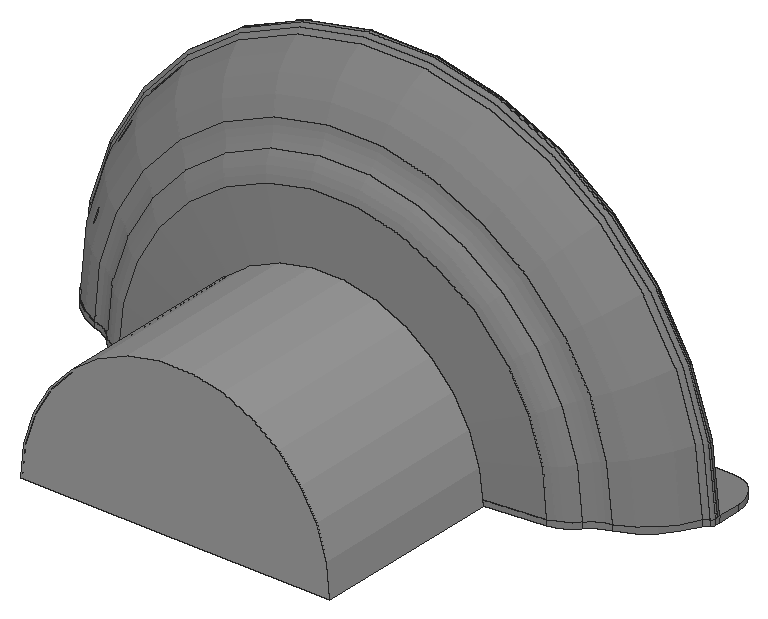
Revit family "Washfountain_4_Staion-Willoughby-WAF-5404-WALL", category Plumbing Fixtures, Revit 2015
Parameters (values of type "Standard")
  water line = Copper
  Waste Connection = no
  Vent Connection = no
  URL = "https://www.willoughby-ind.com/wp-content/uploads/2018/01/WAF-5404.pdf"
  Type Comments = ""
  Solid Surface Sink = Solid Surface Acrylic Resin-Willoughby
  Revision = "A"
  Model = "WAF-5404-WALL"
  Manufacturer = "Willoughby Industries"
  Lav Waste DIA = 1 1/2"
  Lav Waste Connection = yes
  LAV HW DIA = 1/2"
  LAV CW DIA = 1/2"
  HW Connection = yes
  Fixture Body = Stainless Steel AISI 304-Willoughby
  Description = "Wall Mounted 4 Station Washfountain"
  Default Elevation = 0' - 0"
  Contact = "(800) 428-4065"
  CW Connection = yes
Reference planes (in)
  plane 1 "Center (Front/Back)Floor HGT": y = 0
  plane 2: z = 0
  plane 3 "Center (Left/Right)": x = 0
  plane 4 "unit body HGT": y = 39
  plane 5: y = 39.5
  plane 6 "Sink HGT": y = 34
  plane 7 "Base HGT": y = 9.5
  plane 8 "Sink Drain": y = 19.5
  plane 9 "Bottom Of Bowl": y = 25.5
  plane 10: x = -6.845
  plane 11: x = 6.845
  plane 12: x = -27
  plane 13: z = 27
  plane 14 "Splash Face": z = 0.5
  plane 15: z = 13.25
  plane 16: x = -13.25
  plane 17: x = 13.25
  plane 18 "Water Supply": y = 18.5
  plane 19 "Hot Supply": x = 4
  plane 20 "Cold Supply": x = 8
  plane 21 "bubbler HGT": y = 35.66
  plane 22: x = 9.5
  plane 23: x = -9.5
Forms (in)
  Extrusion 1, solid, material "Solid Surface Acrylic Resin-Willoughby" <- "Solid Surface Sink"
    sketch origin (0, 0, 0) x (1, 0, 0) y (0, 1, 0)
      loop
        line (-6.845, 25.5) -> (6.845, 25.5) -> (11.52413, 25.68856)
        arc (11.52413, 25.68856) -> (14.92598, 25.93546) -> (18.30491, 26.40063) r 53.01
        arc (18.30491, 26.40063) -> (19.41375, 26.83168) -> (20.31491, 27.60836) r 3.51
        arc (20.31491, 27.60836) -> (21.16213, 28.2452) -> (22.16491, 28.58836) r 3.38
        arc (22.16491, 28.58836) -> (24.73032, 30.26295) -> (26.40491, 32.82836) r 7.45
        arc (26.40491, 32.82836) -> (26.54572, 33.0411) -> (26.75847, 33.18191) r 0.63983
        arc (26.75847, 33.18191) -> (26.93397, 33.32403) -> (27, 33.54) r 0.38621
        line (27, 33.54) -> (27, 34) -> (27, 36)
        arc (27, 36) -> (26.12132, 38.12132) -> (24, 39) r 3
        line (24, 39) -> (0, 39) -> (-24, 39)
        arc (-24, 39) -> (-26.12132, 38.12132) -> (-27, 36) r 3
        line (-27, 36) -> (-27, 34) -> (-27, 33.54)
        arc (-27, 33.54) -> (-26.93397, 33.32403) -> (-26.75847, 33.18191) r 0.38621
        arc (-26.75847, 33.18191) -> (-26.54572, 33.0411) -> (-26.40491, 32.82836) r 0.63983
        arc (-26.40491, 32.82836) -> (-24.73032, 30.26295) -> (-22.16491, 28.58836) r 7.45
        arc (-22.16491, 28.58836) -> (-21.16213, 28.2452) -> (-20.31491, 27.60836) r 3.38
        arc (-20.31491, 27.60836) -> (-19.41375, 26.83168) -> (-18.30491, 26.40063) r 3.51
        arc (-18.30491, 26.40063) -> (-14.92598, 25.93546) -> (-11.52413, 25.68856) r 53.01
        line (-11.52413, 25.68856) -> (-6.845, 25.5)
    from 0 to 0.5
  Revolve 2, solid, material "Solid Surface Acrylic Resin-Willoughby" <- "Solid Surface Sink"
    sketch origin (0, 0, 0.5) x (1, 0, 0) y (0, 1, 0)
      loop
        line (27, 33.54) -> (27, 33.75)
        arc (27, 33.75) -> (26.92678, 33.92678) -> (26.75, 34) r 0.25
        arc (26.75, 34) -> (26.59277, 33.93487) -> (26.52764, 33.77764) r 0.22236
        arc (26.52764, 33.77764) -> (26.51299, 33.66399) -> (26.43525, 33.57981) r 0.1886
        arc (26.43525, 33.57981) -> (26.14057, 33.33951) -> (25.94132, 33.01566) r 1.13983
        arc (25.94132, 33.01566) -> (24.38046, 30.64844) -> (22.02426, 29.07099) r 7.17314
        arc (22.02426, 29.07099) -> (20.89405, 28.6688) -> (19.94072, 27.94059) r 3.88
        arc (19.94072, 27.94059) -> (19.16738, 27.26699) -> (18.21278, 26.89214) r 3.01
        arc (18.21278, 26.89214) -> (14.86971, 26.4323) -> (11.504, 26.18815) r 52.51
        line (11.504, 26.18815) -> (6.83493, 26) -> (0, 26) -> (0, 25.5) -> (6.845, 25.5) -> (11.52413, 25.68856)
        arc (11.52413, 25.68856) -> (14.92598, 25.93546) -> (18.30491, 26.40063) r 53.01
        arc (18.30491, 26.40063) -> (19.41375, 26.83168) -> (20.31491, 27.60836) r 3.51
        arc (20.31491, 27.60836) -> (21.16213, 28.2452) -> (22.16491, 28.58836) r 3.38
        arc (22.16491, 28.58836) -> (24.71623, 30.27704) -> (26.40491, 32.82836) r 7.67314
        arc (26.40491, 32.82836) -> (26.54572, 33.0411) -> (26.75847, 33.18191) r 0.63983
        arc (26.75847, 33.18191) -> (26.93397, 33.32403) -> (27, 33.54) r 0.38621
      axis (0, 34) -> (0, 25.5)
    angle from 0 to -180
  Extrusion 3, solid, material "Solid Surface Acrylic Resin-Willoughby" <- "Solid Surface Sink", detail levels medium+fine
    sketch origin (0, 39, 0) x (-1, 0, 0) y (0, 0, 1)
      loop
        line (0, 0) -> (9.5, 0) -> (9.5, 1.57) -> (7.21497, 9.53886)
        arc (7.21497, 9.53886) -> (6.6265, 10.58518) -> (5.5, 11) r 1.73701
        line (5.5, 11) -> (0, 11) -> (-5.5, 11)
        arc (-5.5, 11) -> (-6.6265, 10.58518) -> (-7.21497, 9.53886) r 1.73701
        line (-7.21497, 9.53886) -> (-9.5, 1.57) -> (-9.5, 0) -> (0, 0)
    from 0 to 0.5
  Extrusion 4, solid, material "Solid Surface Acrylic Resin-Willoughby" <- "Solid Surface Sink", detail levels medium+fine
    sketch origin (0, 39, 0) x (-1, 0, 0) y (0, 0, 1)
      loop
        line (-9, 1.43103) -> (-9, 0) -> (0, 0) -> (9, 0) -> (9, 1.43103) -> (6.68754, 9.42321)
        arc (6.68754, 9.42321) -> (6.09446, 10.20375) -> (5.16, 10.5) r 1.62189
        line (5.16, 10.5) -> (0, 10.5) -> (-5.16, 10.5)
        arc (-5.16, 10.5) -> (-6.09446, 10.20375) -> (-6.68754, 9.42321) r 1.62189
        line (-6.68754, 9.42321) -> (-9, 1.43103)
    from 0 to -5
  Revolve 5, solid, material "Stainless Steel AISI 304-Willoughby" <- "Fixture Body"
    sketch origin (0, 0, 0) x (1, 0, 0) y (0, 1, 0)
      loop
        line (-13.25, 25.79323) -> (-13.25, 9.5) -> (0, 9.5) -> (0, 9.625) -> (-13.125, 9.625) -> (-13.125, 25.79323) -> (-13.25, 25.79323)
      axis (0, 25.79323) -> (0, 9.5)
    angle from 0 to -180
  Revolve 6, solid, material "Stainless Steel AISI 304-Willoughby" <- "Fixture Body", detail levels medium+fine
    sketch origin (0, 19.5, 0) x (-1, 0, 0) y (0, 0, 1)
      loop
        line (0, 0) -> (0.75, 0) -> (0.75, 3) -> (0, 3) -> (0, 0)
      axis (0, 3) -> (0, 0)
    angle from 0 to 360
  Revolve 7, solid, material "Copper" <- "water line", detail levels medium+fine
    sketch origin (0, 18.5, 0) x (-1, 0, 0) y (0, 0, 1)
      loop
        line (-4, 0) -> (-3.75, 0) -> (-3.75, 3) -> (-4, 3) -> (-4, 0)
      axis (-4, 3) -> (-4, 0)
    angle from 0 to 360
  Revolve 8, solid, material "Copper" <- "water line", detail levels medium+fine
    sketch origin (0, 18.5, 0) x (-1, 0, 0) y (0, 0, 1)
      loop
        line (-8, 0) -> (-7.75, 0) -> (-7.75, 3) -> (-8, 3) -> (-8, 0)
      axis (-8, 3) -> (-8, 0)
    angle from 0 to 360
  Revolve 9, solid, material "Stainless Steel AISI 304-Willoughby" <- "Fixture Body", detail levels fine
    sketch origin (-0.80758, 35.66, 2.94638) x (-0.275637, 0, 0.961262) y (0.961262, 0, 0.275637)
      loop
        line (0, 9) -> (0.75, 9) -> (0.75, 9.5)
        arc (0.75, 9.5) -> (0.53033, 10.03033) -> (0, 10.25) r 0.75
        line (0, 10.25) -> (0, 9)
      axis (0, 10.25) -> (0, 9)
    angle from 0 to 360
  Revolve 10, solid, material "Stainless Steel AISI 304-Willoughby" <- "Fixture Body", detail levels fine
    sketch origin (-0.80758, 0, 2.94638) x (0, 1, 0) y (0.961262, 0, 0.275637)
      loop
        line (34.91, 9.5) -> (35.26355, 9.85355) -> (34.91, 10.20711) -> (34.55645, 9.85355) -> (34.91, 9.5)
      axis (34.91, 10.20711) -> (35.26355, 9.85355)
    angle from 0 to 360
  Revolve 11, solid, material "Stainless Steel AISI 304-Willoughby" <- "Fixture Body", detail levels fine
    sketch origin (0.80758, 35.66, 2.94638) x (0.275637, 0, 0.961262) y (-0.961262, 0, 0.275637)
      loop
        line (0, 9) -> (0.75, 9) -> (0.75, 9.5)
        arc (0.75, 9.5) -> (0.53033, 10.03033) -> (0, 10.25) r 0.75
        line (0, 10.25) -> (0, 9)
      axis (0, 10.25) -> (0, 9)
    angle from 0 to 360
  Revolve 12, solid, material "Stainless Steel AISI 304-Willoughby" <- "Fixture Body", detail levels fine
    sketch origin (0.80758, 0, 2.94638) x (0, 1, 0) y (0.961262, 0, -0.275637)
      loop
        line (34.91, -9.5) -> (34.55645, -9.85355) -> (34.91, -10.20711) -> (35.26355, -9.85355) -> (34.91, -9.5)
      axis (34.91, -10.20711) -> (35.26355, -9.85355)
    angle from 0 to 360
  Revolve 13, solid, material "Stainless Steel AISI 304-Willoughby" <- "Fixture Body", detail levels fine
    sketch origin (3.16, 35.66, 1.5) x (-1, 0, 0) y (0, 0, 1)
      loop
        line (0, 9) -> (0.75, 9) -> (0.75, 9.5)
        arc (0.75, 9.5) -> (0.53033, 10.03033) -> (0, 10.25) r 0.75
        line (0, 10.25) -> (0, 9)
      axis (0, 10.25) -> (0, 9)
    angle from 0 to 360
  Revolve 14, solid, material "Stainless Steel AISI 304-Willoughby" <- "Fixture Body", detail levels fine
    sketch origin (3.16, 0, 1.5) x (0, 1, 0) y (0, 0, 1)
      loop
        line (34.91, 9.5) -> (35.26355, 9.85355) -> (34.91, 10.20711) -> (34.55645, 9.85355) -> (34.91, 9.5)
      axis (34.91, 10.20711) -> (35.26355, 9.85355)
    angle from 0 to 360
  Revolve 15, solid, material "Stainless Steel AISI 304-Willoughby" <- "Fixture Body", detail levels fine
    sketch origin (-3.16, 35.66, 1.5) x (1, 0, 0) y (0, 0, 1)
      loop
        line (0, 9) -> (0.75, 9) -> (0.75, 9.5)
        arc (0.75, 9.5) -> (0.53033, 10.03033) -> (0, 10.25) r 0.75
        line (0, 10.25) -> (0, 9)
      axis (0, 10.25) -> (0, 9)
    angle from 0 to 360
  Revolve 16, solid, material "Stainless Steel AISI 304-Willoughby" <- "Fixture Body", detail levels fine
    sketch origin (-3.16, 0, 1.5) x (0, 1, 0) y (0, 0, -1)
      loop
        line (34.91, -9.5) -> (34.55645, -9.85355) -> (34.91, -10.20711) -> (35.26355, -9.85355) -> (34.91, -9.5)
      axis (34.91, -10.20711) -> (35.26355, -9.85355)
    angle from 0 to 360
Lines and regions (in)
  symbolic lines
    curve 1: line (-13.25, 25.79323, 0) -> (-13.25, 9.5, 0)
    curve 2: line (-13.25, 9.5, 0) -> (13.25, 9.5, 0)
    curve 3: line (13.25, 9.5, 0) -> (13.25, 25.79323, 0)
    curve 4: arc (13.25, 25.79323, 0) -> (14.81145, 25.92524, 0) -> (16.36623, 26.12076, 0) r 38.45379
    curve 5: arc (16.36623, 26.12076, 0) -> (17.32316, 26.24841, 0) -> (18.27648, 26.40063, 0) r 37.51632
    curve 6: arc (18.27648, 26.40063, 0) -> (19.40672, 26.8171, 0) -> (20.31491, 27.60836, 0) r 3.33054
    curve 7: arc (20.31491, 27.60836, 0) -> (21.16213, 28.2452, 0) -> (22.16491, 28.58836, 0) r 3.38
    curve 8: arc (22.16491, 28.58836, 0) -> (24.71623, 30.27704, 0) -> (26.40491, 32.82836, 0) r 7.67314
    curve 9: arc (26.40491, 32.82836, 0) -> (26.54572, 33.0411, 0) -> (26.75847, 33.18191, 0) r 0.63983
    curve 10: arc (26.75847, 33.18191, 0) -> (26.93397, 33.32403, 0) -> (27, 33.54, 0) r 0.38621
    curve 11: line (27, 33.54, 0) -> (27, 33.75, 0)
    curve 12: arc (27, 33.75, 0) -> (26.92678, 33.92678, 0) -> (26.75, 34, 0) r 0.25
    curve 14: line (-27, 33.75, 0) -> (-27, 33.54, 0)
    curve 15: arc (-27, 33.54, 0) -> (-26.93397, 33.32403, 0) -> (-26.75847, 33.18191, 0) r 0.38621
    curve 16: arc (-26.75847, 33.18191, 0) -> (-26.54572, 33.0411, 0) -> (-26.40491, 32.82836, 0) r 0.63983
    curve 17: arc (-26.40491, 32.82836, 0) -> (-24.71623, 30.27704, 0) -> (-22.16491, 28.58836, 0) r 7.67314
    curve 18: arc (-22.16491, 28.58836, 0) -> (-21.16213, 28.2452, 0) -> (-20.31491, 27.60836, 0) r 3.38
    curve 19: arc (-20.31491, 27.60836, 0) -> (-19.41375, 26.83168, 0) -> (-18.30491, 26.40063, 0) r 3.51
    curve 20: arc (-18.30491, 26.40063, 0) -> (-15.78528, 26.03184, 0) -> (-13.25, 25.79323, 0) r 49.45833
    curve 21: line (-13.25, 25.79323, 0) -> (13.25, 25.79323, 0)
    curve 22: line (-27, 33.75, 0) -> (-27, 36, 0)
    curve 23: arc (-27, 36, 0) -> (-26.12132, 38.12132, 0) -> (-24, 39, 0) r 3
    curve 24: line (-24, 39, 0) -> (24, 39, 0)
    curve 25: arc (24, 39, 0) -> (26.12132, 38.12132, 0) -> (27, 36, 0) r 3
    curve 26: line (27, 36, 0) -> (27, 33.75, 0)
    curve 29: line (9, 39, 0) -> (6.75, 39, 0)
    curve 30: line (9.5, 39.5, 0) -> (-9.5, 39.5, 0)
    curve 31: line (-9.5, 39.5, 0) -> (-9.5, 39, 0)
    curve 36: line (0, 9.5, 0) -> (0, 9.5, 13.25)
    curve 37: line (0, 9.5, 13.25) -> (0, 25.75, 13.25)
    curve 38: arc (0, 25.75, 13.25) -> (0, 26.01168, 16.03491) -> (0, 26.40063, 18.80491) r 61.05831
    curve 39: arc (0, 26.40063, 18.80491) -> (0, 26.81192, 19.92562) -> (0, 27.60836, 20.81491) r 3.17176
    curve 40: arc (0, 27.60836, 20.81491) -> (0, 28.24513, 21.66216) -> (0, 28.58836, 22.66491) r 3.38151
    curve 41: arc (0, 28.58836, 22.66491) -> (0, 30.28272, 25.21633) -> (0, 32.83523, 26.90905) r 7.72708
    curve 42: arc (0, 32.83523, 26.90905) -> (0, 33.01009, 27.01646) -> (0, 33.14079, 27.17468) r 0.6256
    curve 43: arc (0, 33.14079, 27.17468) -> (0, 33.17429, 27.23751) -> (0, 33.20318, 27.30258) r 0.99038
    curve 44: arc (0, 33.20318, 27.30258) -> (0, 33.34154, 27.44497) -> (0, 33.53222, 27.50029) r 0.38807
    curve 45: line (0, 33.53222, 27.50029) -> (0, 33.76887, 27.50029)
    curve 46: arc (0, 33.76887, 27.50029) -> (0, 33.93547, 27.41789) -> (0, 34, 27.24359) r 0.25151
    curve 47: line (0, 34, 27.24359) -> (0, 34, 0.5)
    curve 48: line (0, 34, 0.5) -> (0, 39, 0.5)
    curve 49: line (0, 39, 0.5) -> (0, 39, 0)
    curve 50: line (0, 39, 0) -> (0, 9.5, 0)
    curve 51: line (0, 25.5, 0) -> (0, 25.5, 7.345)
    curve 52: arc (0, 25.5, 7.345) -> (0, 25.60809, 10.29822) -> (0, 25.75, 13.25) r 257.93764
    curve 58: line (27, 35.66, 0) -> (27, 35.66, 0.5)
    curve 60: line (-27, 35.66, 0.5) -> (-27, 35.66, 0)
    curve 61: line (-27, 35.66, 0) -> (27, 35.66, 0)
    curve 62: arc (27, 35.66, 0.5) -> (0, 35.66, 27.5) -> (-27, 35.66, 0.5) r 27
    curve 63: line (9.5, 39.5, 0) -> (9.5, 39, 0)
    curve 64: line (9.5, 35.66, 0) -> (9.5, 35.66, 1.57)
    curve 65: line (9.5, 35.66, 1.57) -> (7.21497, 35.66, 9.53886)
    curve 66: arc (7.21497, 35.66, 9.53886) -> (6.6265, 35.66, 10.58518) -> (5.5, 35.66, 11) r 1.73701
    curve 67: line (5.5, 35.66, 11) -> (-5.5, 35.66, 11)
    curve 68: arc (-5.5, 35.66, 11) -> (-6.6265, 35.66, 10.58518) -> (-7.21497, 35.66, 9.53886) r 1.73701
    curve 69: line (-7.21497, 35.66, 9.53886) -> (-9.5, 35.66, 1.57)
    curve 70: line (-9.5, 35.66, 1.57) -> (-9.5, 35.66, 0)
  symbolic lines, detail levels medium+fine
    curve 13: arc (-26.75, 34, 0) -> (-26.92678, 33.92678, 0) -> (-27, 33.75, 0) r 0.25
    curve 34: line (-26.75, 34, 0) -> (26.75, 34, 0)
    curve 35: arc (26.75, 34, 0) -> (26.92678, 33.92678, 0) -> (27, 33.75, 0) r 0.25
    curve 59: line (27, 35.66, 0.5) -> (-27, 35.66, 0.5)
  symbolic lines, detail levels fine
    curve 27: line (-9, 34, 0) -> (-9, 39, 0)
    curve 28: line (9, 39, 0) -> (9, 34, 0)
    curve 32: line (-6.68754, 34, 0) -> (-6.68754, 39, 0)
    curve 33: line (6.68754, 34, 0) -> (6.68754, 39, 0)
    curve 53: line (0, 39, 11) -> (0, 39.5, 11)
    curve 54: line (0, 39.5, 11) -> (0, 39.5, 0)
    curve 55: line (0, 39.5, 0) -> (0, 39, 0)
    curve 56: line (0, 39, 11) -> (0, 39, 0)
    curve 57: line (0, 34, 10.5) -> (0, 39, 10.5)
    curve 71: arc (2.40322, 35.66, 11) -> (3.15322, 35.66, 11.75) -> (3.90322, 35.66, 11) r 0.75
    curve 72: arc (-2.39562, 35.66, 11) -> (-3.14562, 35.66, 11.75) -> (-3.89562, 35.66, 11) r 0.75
    curve 73: arc (-8.5557, 35.66, 4.86317) -> (-9.05346, 35.66, 5.78612) -> (-8.14224, 35.66, 6.30506) r 0.7502
    curve 74: arc (8.14768, 35.66, 6.2861) -> (9.02213, 35.66, 5.75663) -> (8.56113, 35.66, 4.84421) r 0.75221
    curve 75: circle (-3.16, 35.61711, 0) r 0.74877 normal (0, 0, 1)
    curve 76: circle (3.19233, 35.66, 0) r 0.75 normal (0, 0, 1)
    curve 77: line (-7.83392, 36.40978, 0) -> (-8.36411, 36.40978, 0)
    curve 78: arc (-8.36411, 36.40978, 0) -> (-8.91099, 36.15477, 0) -> (-9.06717, 35.57191, 0) r 0.71391
    curve 79: arc (-9.06717, 35.57191, 0) -> (-8.61916, 35.32694, 0) -> (-8.3244, 34.91, 0) r 1.1319
    curve 80: line (-8.3244, 34.91, 0) -> (-7.83392, 34.91, 0)
    curve 81: arc (-7.83392, 34.91, 0) -> (-7.74007, 34.99689, 0) -> (-7.69052, 35.11479, 0) r 0.30249
    curve 82: arc (-7.69052, 35.11479, 0) -> (-7.64049, 35.65454, 0) -> (-7.69052, 36.19428, 0) r 2.93645
    curve 83: arc (-7.69052, 36.19428, 0) -> (-7.74025, 36.31665, 0) -> (-7.83392, 36.40978, 0) r 0.33057
    curve 84: line (7.82035, 36.41581, 0) -> (8.39588, 36.41581, 0)
    curve 85: arc (8.39588, 36.41581, 0) -> (8.90002, 36.13013, 0) -> (9.07464, 35.57761, 0) r 0.79188
    curve 86: arc (9.07464, 35.57761, 0) -> (8.62687, 35.3144, 0) -> (8.30391, 34.90762, 0) r 1.41816
    curve 87: line (8.30391, 34.90762, 0) -> (7.83952, 34.90762, 0)
    curve 88: arc (7.83952, 34.90762, 0) -> (7.7753, 34.95231, 0) -> (7.73757, 35.02085, 0) r 0.17173
    curve 89: arc (7.73757, 35.02085, 0) -> (7.6332, 35.65725, 0) -> (7.73757, 36.29365, 0) r 1.9925
    curve 90: arc (7.73757, 36.29365, 0) -> (7.77605, 36.36362, 0) -> (7.83649, 36.41581, 0) r 0.22575
Dimensions and locks (in)
  equal spacing: plane 10, plane 3 "Center (Left/Right)", plane 11
  plane 10 to plane 11 = 1' - 1.69"
  plane 12 to plane 3 "Center (Left/Right)" = 2' - 3"
  plane 9 "Bottom Of Bowl" to plane 7 "Base HGT" = 1' - 4"
  plane 1 "Center (Front/Back)Floor HGT" to plane 7 "Base HGT" = 0' - 9 1/2"
  plane 1 "Center (Front/Back)Floor HGT" to plane 9 "Bottom Of Bowl" = 2' - 1 1/2"
  plane 1 "Center (Front/Back)Floor HGT" to plane 6 "Sink HGT" = 2' - 10"
  plane 1 "Center (Front/Back)Floor HGT" to plane 5 = 3' - 3 1/2"  (x2)
  plane 16 to plane 17 = 2' - 2 1/2"
  Extrusion 1 to Extrusion 1 = 4' - 6"
  plane 5 to plane 6 "Sink HGT" = 0' - 5 1/2"
  aligned and locked: Revolve 5 sketch curve to Revolve 5 sketch curve  (x3)
  aligned and locked: Revolve 6 sketch curve to Revolve 6 sketch curve
  aligned and locked: Revolve 7 sketch curve to Revolve 7 sketch curve  (x2)
  aligned and locked: Revolve 8 sketch curve to Revolve 8 sketch curve  (x2)
  aligned and locked: Revolve 10 sketch curve to Revolve 10 sketch curve  (x3)
  aligned and locked: Revolve 12 sketch curve to Revolve 12 sketch curve  (x3)
  aligned and locked: Extrusion 3 to curve 56
  aligned and locked: Extrusion 3 sketch curve to Extrusion 1
  aligned and locked: Extrusion 1 to Extrusion 4 sketch curve
  aligned and locked: Revolve 14 sketch curve to Revolve 14 sketch curve  (x3)
  aligned and locked: Revolve 16 sketch curve to Revolve 16 sketch curve  (x3)
Automatic sketch dimensions
  Extrusion 1 sketch curve to plane 12 = 0' - 0"
  Extrusion 1 sketch curve to plane 4 "unit body HGT" = 0' - 0"
  Extrusion 1 sketch curve to plane 9 "Bottom Of Bowl" = 0' - 0"
  Extrusion 1 sketch curve to plane 10 = 0' - 0"
  Extrusion 1 sketch curve to plane 3 "Center (Left/Right)" = 0' - 0"
  Extrusion 1 sketch curve to plane 11 = 0' - 0"
  Extrusion 1 sketch curve to plane 6 "Sink HGT" = 0' - 0"  (x2)
  Extrusion 1 sketch curve to plane 12 = 0' - 0.00185"
  Extrusion 1 sketch curve to Extrusion 1 sketch curve = 0' - 0.38621"  (x2)
  plane 21 "bubbler HGT" to Extrusion 1 sketch curve = 0' - 0.34"
  Extrusion 1 sketch curve to plane 9 "Bottom Of Bowl" = 0' - 0.24161"  (x2)
  Extrusion 1 sketch curve to plane 12 = 0' - 4.25567"
  Extrusion 1 sketch curve to plane 21 "bubbler HGT" = 0' - 0.12911"  (x2)
  Extrusion 1 sketch curve to Extrusion 1 sketch curve = 0' - 4.53762"  (x2)
  plane 16 to Extrusion 1 sketch curve = 0' - 4.35597"
  plane 9 "Bottom Of Bowl" to Extrusion 1 sketch curve = 0' - 0.18856"  (x2)
  Extrusion 1 sketch curve to plane 16 = 0' - 1.72587"
  plane 10 to Extrusion 1 sketch curve = 0' - 2.54468"
  Extrusion 1 sketch curve to plane 20 "Cold Supply" = 0' - 1.38968"
  plane 17 to Extrusion 1 sketch curve = 0' - 1.72587"
  Extrusion 1 sketch curve to plane 17 = 0' - 4.35597"
  Extrusion 1 sketch curve to Extrusion 1 sketch curve = 0' - 1.85641"
  Extrusion 1 sketch curve to Extrusion 1 sketch curve = 0' - 5.13836"
  Extrusion 1 sketch curve to plane 6 "Sink HGT" = 0' - 0.46"  (x2)
  Extrusion 1 sketch curve to Extrusion 1 sketch curve = 0' - 2.61379"
  Extrusion 1 sketch curve to Extrusion 1 sketch curve = 0' - 0.38436"
  Extrusion 1 sketch curve to plane 6 "Sink HGT" = 0' - 4.15967"  (x2)
  Extrusion 1 sketch curve to Extrusion 1 sketch curve = 0' - 0.95132"
  Extrusion 1 sketch curve to plane 6 "Sink HGT" = 0' - 1.41132"
  plane 5 to Extrusion 1 sketch curve = 3' - 3.15557"
  Extrusion 1 sketch curve to Extrusion 1 sketch curve = 0' - 0"  (x2)
  Extrusion 1 sketch curve to Extrusion 1 sketch curve = 0' - 0.35355"  (x2)
  plane 9 "Bottom Of Bowl" to Extrusion 1 sketch curve = 0' - 3.08836"
  Extrusion 1 sketch curve to Extrusion 1 sketch curve = 0' - 1.85"  (x2)
  plane 9 "Bottom Of Bowl" to Extrusion 1 sketch curve = 0' - 0.90063"
  plane 9 "Bottom Of Bowl" to Extrusion 1 sketch curve = 0' - 2.10836"
  Revolve 2 sketch curve to Revolve 2 sketch curve = 0' - 0"  (x13)
  Revolve 2 sketch curve to plane 3 "Center (Left/Right)" = 0' - 0"  (x2)
  Revolve 2 sketch curve to plane 9 "Bottom Of Bowl" = 0' - 0"  (x2)
  Revolve 2 sketch curve to plane 11 = 0' - 0"
  Revolve 2 sketch curve to plane 6 "Sink HGT" = 0' - 0"  (x2)
  plane 11 to Revolve 2 sketch curve = 0' - 0.01007"
  Revolve 2 sketch curve to plane 20 "Cold Supply" = 0' - 1.38968"
  plane 9 "Bottom Of Bowl" to Revolve 2 sketch curve = 0' - 0.68815"
  plane 17 to Revolve 2 sketch curve = 0' - 1.746"
  plane 9 "Bottom Of Bowl" to Revolve 2 sketch curve = 0' - 0.18856"
  Revolve 2 sketch curve to Revolve 2 sketch curve = 0' - 0.02013"
  Revolve 2 sketch curve to plane 17 = 0' - 4.35597"
  plane 21 "bubbler HGT" to Revolve 2 sketch curve = 0' - 0.04277"
  Revolve 2 sketch curve to plane 17 = 0' - 6.04051"
  Revolve 2 sketch curve to plane 9 "Bottom Of Bowl" = 0' - 0.24161"
  Revolve 2 sketch curve to Revolve 2 sketch curve = 0' - 5.13836"
  Revolve 2 sketch curve to plane 6 "Sink HGT" = 0' - 0.2562"
  Revolve 2 sketch curve to Revolve 2 sketch curve = 0' - 7.0516"
  Revolve 2 sketch curve to Revolve 2 sketch curve = 0' - 0.27168"
  Revolve 2 sketch curve to Revolve 2 sketch curve = 0' - 0.13621"
  Revolve 2 sketch curve to Revolve 2 sketch curve = 0' - 0.38436"
  Revolve 2 sketch curve to Revolve 2 sketch curve = 0' - 0 1/4"
  plane 9 "Bottom Of Bowl" to Revolve 2 sketch curve = 0' - 0 1/2"
  Revolve 2 sketch curve to plane 6 "Sink HGT" = 0' - 4.15967"
  Revolve 2 sketch curve to Revolve 2 sketch curve = 0' - 1.16132"
  Revolve 2 sketch curve to Revolve 2 sketch curve = 0' - 0.21"
  Revolve 2 sketch curve to Revolve 2 sketch curve = 0' - 0.02764"
  plane 5 to Revolve 2 sketch curve = 3' - 3.15557"
  plane 9 "Bottom Of Bowl" to Revolve 2 sketch curve = 0' - 1.39214"
  Revolve 2 sketch curve to Revolve 2 sketch curve = 0' - 0.09213"
  Revolve 2 sketch curve to Revolve 2 sketch curve = 0' - 1.72794"
  Revolve 2 sketch curve to Revolve 2 sketch curve = 0' - 0.37419"
  Revolve 2 sketch curve to Revolve 2 sketch curve = 0' - 1.70935"
  Revolve 2 sketch curve to Revolve 2 sketch curve = 0' - 0.14065"
  Extrusion 3 sketch curve to plane 22 = 0' - 0"
  Extrusion 3 sketch curve to plane 3 "Center (Left/Right)" = 0' - 0"  (x2)
  Extrusion 3 sketch curve to plane 23 = 0' - 0"
  Extrusion 3 sketch curve to plane 11 = 0' - 0.36997"
  plane 11 to Extrusion 3 sketch curve = 0' - 1.345"
  Extrusion 3 sketch curve to plane 10 = 0' - 1.345"
  plane 10 to Extrusion 3 sketch curve = 0' - 0.36997"
  plane 14 "Splash Face" to Extrusion 3 sketch curve = 0' - 1.07"  (x2)
  Extrusion 3 sketch curve to plane 15 = 0' - 3.98701"
  Extrusion 3 sketch curve to Extrusion 3 sketch curve = 0' - 7.69299"
  Extrusion 3 sketch curve to Extrusion 3 sketch curve = 0' - 0.27587"
  Extrusion 4 sketch curve to plane 3 "Center (Left/Right)" = 0' - 0"  (x2)
  Extrusion 4 sketch curve to plane 19 "Hot Supply" = 0' - 1.16"
  plane 11 to Extrusion 4 sketch curve = 0' - 0.15746"
  Extrusion 4 sketch curve to plane 20 "Cold Supply" = 0' - 1"
  Extrusion 4 sketch curve to plane 10 = 0' - 1.685"
  Extrusion 4 sketch curve to plane 10 = 0' - 0.15746"
  plane 14 "Splash Face" to Extrusion 4 sketch curve = 0' - 0.93103"  (x2)
  plane 10 to Extrusion 4 sketch curve = 0' - 2.155"
  Extrusion 4 sketch curve to plane 15 = 0' - 4.37189"
  Extrusion 4 sketch curve to Extrusion 4 sketch curve = 0' - 7.44708"
  Extrusion 4 sketch curve to Extrusion 4 sketch curve = 0' - 0.5451"
  Revolve 5 sketch curve to plane 16 = 0' - 0"
  Revolve 5 sketch curve to plane 3 "Center (Left/Right)" = 0' - 0"
  Revolve 5 sketch curve to plane 7 "Base HGT" = 0' - 0"
  Revolve 5 sketch curve to plane 16 = 0' - 0 1/8"
  plane 7 "Base HGT" to Revolve 5 sketch curve = 0' - 0 1/8"
  plane 9 "Bottom Of Bowl" to Revolve 5 sketch curve = 0' - 0.29323"
  Revolve 6 sketch curve to level = 0' - 0"  (x2)
  Revolve 6 sketch curve to plane 3 "Center (Left/Right)" = 0' - 0"
  Revolve 6 sketch curve to Revolve 6 sketch curve = 0' - 0 3/4"
  plane 14 "Splash Face" to Revolve 6 sketch curve = 0' - 2 1/2"
  Revolve 6 sketch curve to Revolve 6 sketch curve = 0' - 0"
  Revolve 7 sketch curve to level = 0' - 0"  (x2)
  plane 19 "Hot Supply" to Revolve 7 sketch curve = 0' - 0"
  plane 19 "Hot Supply" to Revolve 7 sketch curve = 0' - 0 1/4"
  plane 14 "Splash Face" to Revolve 7 sketch curve = 0' - 2 1/2"
  Revolve 8 sketch curve to level = 0' - 0"  (x2)
  plane 20 "Cold Supply" to Revolve 8 sketch curve = 0' - 0"
  plane 20 "Cold Supply" to Revolve 8 sketch curve = 0' - 0 1/4"
  plane 14 "Splash Face" to Revolve 8 sketch curve = 0' - 2 1/2"
  plane 20 "Cold Supply" to Revolve 9 sketch curve = 0' - 0.15623"
  plane 14 "Splash Face" to Revolve 9 sketch curve = 0' - 4.92712"
  Revolve 9 sketch curve to Revolve 9 sketch curve = 0' - 0 3/4"
  Revolve 9 sketch curve to Revolve 9 sketch curve = 0' - 0 1/2"
  Revolve 9 sketch curve to Revolve 9 sketch curve = 0' - 0"  (x3)
  plane 6 "Sink HGT" to Revolve 10 sketch curve = 0' - 0.55645"
  Revolve 10 sketch curve to Revolve 10 sketch curve = 0' - 0.35355"  (x3)
  Revolve 11 sketch curve to plane 10 = 0' - 0.99877"
  Revolve 11 sketch curve to plane 14 "Splash Face" = 0' - 4.92712"
  Revolve 11 sketch curve to Revolve 11 sketch curve = 0' - 0 3/4"
  Revolve 11 sketch curve to Revolve 11 sketch curve = 0' - 0 1/2"
  Revolve 11 sketch curve to Revolve 11 sketch curve = 0' - 0"  (x3)
  plane 6 "Sink HGT" to Revolve 12 sketch curve = 0' - 0.55645"
  Revolve 12 sketch curve to Revolve 12 sketch curve = 0' - 0.35355"  (x3)
  plane 19 "Hot Supply" to Revolve 13 sketch curve = 0' - 0.84"
  Revolve 13 sketch curve to Revolve 13 sketch curve = 0' - 0 3/4"
  Revolve 13 sketch curve to plane 15 = 0' - 2 3/4"
  Revolve 13 sketch curve to Revolve 13 sketch curve = 0' - 0 1/2"
  Revolve 13 sketch curve to Revolve 13 sketch curve = 0' - 0"  (x3)
  plane 6 "Sink HGT" to Revolve 14 sketch curve = 0' - 0.55645"
  Revolve 14 sketch curve to Revolve 14 sketch curve = 0' - 0.35355"  (x3)
  Revolve 14 sketch curve to plane 15 = 0' - 2 1/4"
  plane 3 "Center (Left/Right)" to Revolve 15 sketch curve = 0' - 3.16"
  Revolve 15 sketch curve to Revolve 15 sketch curve = 0' - 0 3/4"
  plane 15 to Revolve 15 sketch curve = 0' - 2 3/4"
  Revolve 15 sketch curve to Revolve 15 sketch curve = 0' - 0 1/2"
  Revolve 15 sketch curve to Revolve 15 sketch curve = 0' - 0"  (x3)
  plane 6 "Sink HGT" to Revolve 16 sketch curve = 0' - 0.55645"
  Revolve 16 sketch curve to Revolve 16 sketch curve = 0' - 0.35355"  (x3)
  Revolve 16 sketch curve to plane 15 = 0' - 1.54289"
  curve 36 to level = 0' - 0"
  curve 36 to plane 7 "Base HGT" = 0' - 0"
  curve 51 to plane 9 "Bottom Of Bowl" = 0' - 0"
  curve 38 to plane 15 = 0' - 0"
  curve 57 to plane 6 "Sink HGT" = 0' - 0"
  curve 54 to plane 5 = 0' - 0"
  curve 48 to plane 14 "Splash Face" = 0' - 0"
  curve 40 to plane 9 "Bottom Of Bowl" = 0' - 0.24301"
  curve 52 to curve 37 = 0' - 0 1/4"
  plane 9 "Bottom Of Bowl" to curve 39 = 0' - 4.03065"
  plane 13 to curve 43 = 0' - 0.67166"
  curve 43 to plane 6 "Sink HGT" = 0' - 1.71586"
  curve 43 to curve 42 = 0' - 0.31552"
  curve 45 to plane 6 "Sink HGT" = 0' - 0.46778"
  plane 13 to curve 44 = 0' - 0.11233"
  curve 45 to curve 44 = 0' - 0.00919"
  curve 44 to curve 46 = 0' - 0.20715"
  curve 45 to plane 6 "Sink HGT" = 0' - 0.23113"
  plane 21 "bubbler HGT" to curve 41 = 0' - 0.08484"
  curve 38 to plane 15 = 0' - 4.3181"
  plane 5 to curve 38 = 3' - 11.15542"
  curve 52 to level = 0' - 0.61232"
  curve 38 to curve 52 = 16' - 4.65944"
  curve 54 to plane 15 = 0' - 2 1/4"
  plane 15 to curve 39 = 0' - 5.04205"
  curve 39 to curve 41 = 0' - 1.45866"
  curve 40 to plane 13 = 0' - 3.75493"
  plane 13 to curve 47 = 0' - 0.24359"
  curve 44 to curve 46 = 0' - 0.13728"
  curve 42 to curve 43 = 0' - 0.18305"
  curve 39 to curve 38 = 0' - 0"
  plane 9 "Bottom Of Bowl" to curve 40 = 0' - 2.10836"
  curve 40 to curve 41 = 0' - 0.98"
  curve 42 to curve 41 = 0' - 0"
  curve 43 to curve 42 = 0' - 0"
  curve 57 to plane 15 = 0' - 2 3/4"
  curve 58 to level = 0' - 0"
  curve 58 to plane 14 "Splash Face" = 0' - 0"
  curve 62 to plane 3 "Center (Left/Right)" = 0' - 0"
  plane 19 "Hot Supply" to curve 71 = 0' - 0.84678"
  plane 11 to curve 66 = 0' - 1.345"
  curve 65 to plane 11 = 0' - 0.36997"
  curve 74 to plane 20 "Cold Supply" = 0' - 0.29907"
  curve 64 to plane 20 "Cold Supply" = 0' - 1 1/2"
  curve 61 to plane 17 = 1' - 1 3/4"
  curve 72 to plane 3 "Center (Left/Right)" = 0' - 3.14562"
  curve 67 to plane 10 = 0' - 1.345"
  plane 10 to curve 69 = 0' - 0.36997"
  plane 10 to curve 73 = 0' - 1.48732"
  plane 14 "Splash Face" to curve 69 = 0' - 1.07"
  plane 10 to curve 69 = 0' - 2.655"
  plane 14 "Splash Face" to curve 64 = 0' - 1.07"
  curve 69 to curve 73 = 0' - 4.00934"
  curve 66 to curve 67 = 0' - 1.73701"
  curve 68 to curve 67 = 0' - 1.73701"
  curve 71 to curve 71 = 0' - 0 3/4"
  curve 74 to plane 20 "Cold Supply" = 0' - 0.14768"
  curve 74 to plane 20 "Cold Supply" = 0' - 0.56113"
  curve 72 to curve 72 = 0' - 0 3/4"
  curve 73 to curve 73 = 0' - 0.19008"
  curve 74 to curve 74 = 0' - 0.70508"
  curve 13 to plane 6 "Sink HGT" = 0' - 0"
  curve 23 to plane 4 "unit body HGT" = 0' - 0"
  curve 1 to plane 16 = 0' - 0"
  curve 31 to plane 5 = 0' - 0"
  curve 76 to plane 21 "bubbler HGT" = 0' - 0"
  curve 29 to plane 4 "unit body HGT" = 0' - 0"
  curve 21 to plane 17 = 0' - 0"
  curve 1 to plane 7 "Base HGT" = 0' - 0"
  plane 16 to curve 19 = 0' - 4.35597"
  plane 21 "bubbler HGT" to curve 17 = 0' - 0.04277"
  plane 16 to curve 17 = 0' - 6.04051"
  curve 18 to plane 9 "Bottom Of Bowl" = 0' - 0.24161"
  curve 18 to curve 19 = 0' - 5.13836"
  plane 21 "bubbler HGT" to curve 23 = 0' - 0.34"
  curve 23 to curve 17 = 0' - 4.70949"
  curve 15 to curve 15 = 0' - 0.38621"
  curve 13 to plane 6 "Sink HGT" = 0' - 0 1/4"
  curve 14 to curve 16 = 0' - 0.00185"
  curve 82 to plane 21 "bubbler HGT" = 0' - 0.00546"
  curve 82 to plane 16 = 0' - 2.67305"
  plane 10 to curve 20 = 0' - 3.03983"
  plane 10 to curve 31 = 0' - 2.655"
  plane 6 "Sink HGT" to curve 79 = 0' - 0.48189"
  curve 82 to curve 79 = 0' - 1.20473"
  plane 21 "bubbler HGT" to curve 78 = 0' - 0.03588"
  plane 10 to curve 78 = 0' - 1.51911"
  curve 78 to curve 80 = 0' - 0.03971"
  curve 78 to curve 83 = 0' - 0.34865"
  curve 79 to curve 81 = 0' - 0.33654"
  curve 81 to curve 80 = 0' - 0.15394"
  curve 83 to curve 77 = 0' - 0.18155"
  curve 75 to plane 21 "bubbler HGT" = 0' - 0.04289"
  curve 75 to plane 3 "Center (Left/Right)" = 0' - 3.16"
  plane 19 "Hot Supply" to curve 76 = 0' - 0.80767"
  plane 20 "Cold Supply" to curve 87 = 0' - 0.16048"
  plane 20 "Cold Supply" to curve 88 = 0' - 0.09708"
  plane 20 "Cold Supply" to curve 90 = 0' - 0.04851"
  curve 85 to plane 21 "bubbler HGT" = 0' - 0.02822"
  curve 85 to plane 20 "Cold Supply" = 0' - 0.28461"
  curve 87 to plane 20 "Cold Supply" = 0' - 0.30391"
  curve 84 to plane 20 "Cold Supply" = 0' - 0.39588"
  curve 30 to plane 20 "Cold Supply" = 0' - 1 1/2"
  plane 6 "Sink HGT" to curve 86 = 0' - 0.2441"
  curve 86 to curve 86 = 0' - 1.25336"
  curve 89 to plane 21 "bubbler HGT" = 0' - 0.00275"
  plane 17 to curve 4 = 0' - 2.45806"
  curve 4 to curve 5 = 0' - 1.09282"
  curve 6 to plane 17 = 0' - 4.45905"
  plane 21 "bubbler HGT" to curve 8 = 0' - 0.04277"
  curve 8 to plane 17 = 0' - 6.04051"
  curve 7 to plane 9 "Bottom Of Bowl" = 0' - 0.24161"
  curve 6 to curve 7 = 0' - 5.03528"
  plane 21 "bubbler HGT" to curve 25 = 0' - 0.34"
  curve 8 to curve 25 = 0' - 4.70949"
  curve 10 to curve 10 = 0' - 0.38621"
  curve 34 to curve 11 = 0' - 0 1/4"
  curve 9 to curve 10 = 0' - 0.00185"
  plane 9 "Bottom Of Bowl" to curve 21 = 0' - 0.29323"
  plane 9 "Bottom Of Bowl" to curve 6 = 0' - 4.18248"
  curve 19 to plane 6 "Sink HGT" = 0' - 4.15967"
  curve 9 to curve 35 = 0' - 1.16132"
  curve 16 to curve 13 = 0' - 1.16132"
  curve 15 to curve 13 = 0' - 0.21"
  curve 11 to curve 35 = 0' - 0.21"
  curve 80 to plane 21 "bubbler HGT" = 0' - 0 3/4"
  curve 87 to curve 88 = 0' - 0.1596"
  curve 80 to curve 81 = 0' - 0.26039"
  plane 21 "bubbler HGT" to curve 83 = 0' - 0.47352"
  plane 21 "bubbler HGT" to curve 90 = 0' - 0.56155"
  curve 83 to curve 77 = 0' - 0.27626"
  curve 90 to curve 84 = 0' - 0.19426"
  plane 5 to curve 5 = 1' - 11.86845"
  curve 5 to curve 4 = 0' - 0.79992"
  curve 4 to curve 20 = 0' - 10.96857"
  plane 9 "Bottom Of Bowl" to curve 19 = 0' - 0.90063"
  plane 9 "Bottom Of Bowl" to curve 19 = 0' - 2.10836"
  curve 18 to curve 19 = 0' - 1.85"
  curve 16 to curve 17 = 0' - 0"
  curve 31 to curve 27 = 0' - 0 1/2"
  curve 82 to curve 81 = 0' - 0"
  curve 32 to plane 10 = 0' - 0.15746"
  plane 11 to curve 33 = 0' - 0.15746"
  curve 33 to curve 29 = 0' - 0.06246"
  curve 89 to curve 87 = 0' - 0.10195"
  curve 90 to curve 90 = 0' - 0.21392"
  curve 89 to curve 90 = 0' - 0"
  curve 89 to curve 84 = 0' - 0.08278"
  curve 84 to curve 90 = 0' - 0.01614"
  curve 28 to curve 86 = 0' - 0.55727"
  plane 9 "Bottom Of Bowl" to curve 5 = 0' - 0.62076"
  curve 6 to curve 5 = 0' - 0"
  plane 9 "Bottom Of Bowl" to curve 6 = 0' - 2.10836"
  curve 6 to curve 7 = 0' - 1.85"
  curve 9 to curve 8 = 0' - 0"
  radius of curve 75 = 0' - 0.74877"
  radius of curve 76 = 0' - 0 3/4"
Connectors (in)
  piping at (4, 18.5, 0), diameter 0.5, driven by "LAV HW DIA", driven by "HW Connection"
    settings: on Revolve 7, index 2, connector inside diameter 24", connector length 0' - 0", flow factor 0, pipe flow 0 GPM, pressure drop 0.00 psi, fitting loss kfactor 0, connector angle 0.00°, fixture units 0, engagement length 0' - 0", angle of deflection 0.00°, flow configuration 0, flow direction 1, fitting loss method 0, system type 19, joint type 0, gender type 0, connector reference index -1, connector utility 1, adjustable connector no, is connector primary yes, connector description "Hot Water Inlet"
  piping at (8, 18.5, 0), diameter 0.5, driven by "LAV CW DIA", driven by "CW Connection"
    settings: on Revolve 8, index 3, connector inside diameter 24", connector length 0' - 0", flow factor 0, pipe flow 0 GPM, pressure drop 0.00 psi, fitting loss kfactor 0, connector angle 0.00°, fixture units 0, engagement length 0' - 0", angle of deflection 0.00°, flow configuration 0, flow direction 1, fitting loss method 0, system type 20, joint type 0, gender type 0, connector reference index -1, connector utility 1, adjustable connector no, is connector primary no, connector description "Cold Waster inlet"
  piping at (0, 19.5, 0), diameter 1.5, driven by "Lav Waste DIA", driven by "Lav Waste Connection"
    settings: on Revolve 6, index 4, connector inside diameter 24", connector length 0' - 0", flow factor 0, pipe flow 0 GPM, pressure drop 0.00 psi, fitting loss kfactor 0, connector angle 0.00°, fixture units 0, engagement length 0' - 0", angle of deflection 0.00°, flow configuration 0, flow direction 2, fitting loss method 0, system type 16, joint type 0, gender type 0, connector reference index -1, connector utility 1, adjustable connector no, is connector primary no, connector description "Sink Waste"
